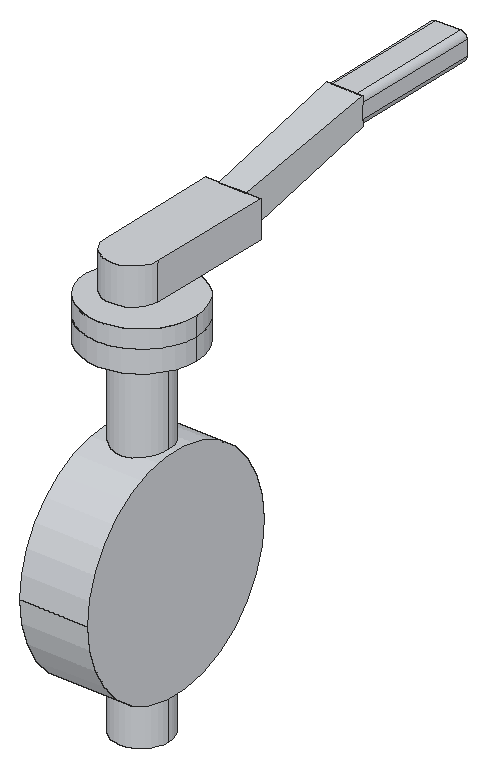
Revit family "HS497-67_disk-litina-s pákou DN125-RFA_2019", category Pipe Accessories, Revit 2019
Family settings
  Round Connector Dimension = Use Diameter
  Part Type = Valve - Breaks Into
  Work Plane-Based = No
  Always vertical = Yes
  Cut with Voids When Loaded = No
  Shared = No
Parameters (values of type "HS 497-67_DN125_PN16_s pákou")
  magiProductId = "105993c79a91492399feef7931321a"
  magiProductFamilyId = "53cea81e6f374d17b8841d9c72ad77"
  magiPartTypeId = 305
  isMeasuringValve [instance] = no
  ang2D [instance] = 0.00°
  X11 = 61.456 mm
  X1 = 25.456 mm
  W2D = 1000 mm
  VersionID = "2.0/2017.9.26.1/ZETKAMA_497_001"
  Use Minimum Symbol Size [instance] = yes
  URL = "http://www.hydronix.cz"
  Type Comments = "mezipřírubová; litinový disk; PN16; -10~+110°C (krátkodobě +120°C)"
  SW30 = no
  SW3 = no
  SW21 = no
  SW20 = yes
  SW2 = yes
  SW1 = no
  R = 62.5 mm
  QmdConnectorList = "301;D;302;D"
  Productdata [instance] = ""
  NC = 50 mm
  Model = ""
  Manufacturer = "Hydronix"  # constant formula
  MM20 = 25.456 mm
  MC Product Code = "120 125 (litinový disk, s pákou; DN125; PN16, kvs872)"
  M41 = 66 mm
  M4 = 44 mm
  LHL = 315 mm
  LHH3 = 3.75 mm
  LHH1 = 71.25 mm
  LH1 = 105 mm
  L4R__ve = -L4R  # -12.8 mm
  L4R = 12.8 mm
  L42__ve = -L42  # -96 mm
  L42 = 96 mm
  L41__ve = -L41  # -19.2 mm
  L41 = 19.2 mm
  L2D_Min = 3048 mm
  L2D = 216 mm
  L2 = 28 mm
  L1 = 44.8 mm
  L = 56 mm
  H = 33 mm
  G22 = 11.25 mm
  G2 = 22.5 mm
  G1 = 90 mm
  G = 90 mm
  F = 14 mm
  E44 = 31.25 mm
  E42 = 62.5 mm
  E4 = 125 mm
  E23 = 7.5 mm
  E22 = 30 mm
  E21 = 15 mm
  Description = "Mezipřírubová uzavírací klapka s pákou; litinový disk, DN125; PN16; kvs872"
  DR2 = 62.5 mm
  DR = 180 mm
  DD1 = 15.625 mm
  DD = 12.5 mm
  D = 125 mm
  CAT0 = yes
  B2__ve = -B2  # -64 mm
  B2 = 64 mm
  A2 = 18 mm
  A1 = 99.5 mm
Types (43, lengths in mm): name | magiProductId | X11 | X1 | Type Comments | SW30 | SW3 | SW20 | SW2 | SW1 | R | NC | MM20 | MC Product Code | M41 | M4 | LHL | LHH3 | LHH1 | LH1 | L4R__ve | L4R | L42__ve | L42 | L41__ve | L41 | L2 | L1 | L | H | G | F | E44 | E42 | E4 | E23 | E22 | E21 | Description | DR2 | DR | DD1 | DD | D | B2__ve | B2 | A2 | A1
  HS 497-67_DN100_PN16_volné vřeteno | "65d1b245f4f142c78569c0602d5754" | 61.456 | 25.456 | "mezipřírubová; litinový disk; PN16; -10~+110°C (krátkodobě +120°C)" | no | no | no | no | yes | 50 | 50 | 25.456 | "123 100 (litinový disk, s volným vřetenem; DN100; PN16, kvs512)" | 66 | 44 | 220 | 2.45 | 46.55 | 73.333 | -12.8 | 12.8 | -96 | 96 | -19.2 | 19.2 | 26 | 41.6 | 52 | 30 | 90 | 11 | 31.25 | 62.5 | 125 | 4.9 | 19.6 | 9.8 | "Mezipřírubová uzavírací klapka s volným vřetenem; litinový disk, DN100; PN16; kvs512" | 50 | 147 | 15.625 | 12.5 | 100 | -56 | 56 | 16.5 | 98.5
  HS 497-67_DN100_PN16_převodové kolo | "11e91b807e674d428c8e796fcdcfe2" | 61.456 | 25.456 | "mezipřírubová; litinový disk; PN16; -10~+110°C (krátkodobě +120°C)" | yes | yes | no | no | no | 50 | 50 | 25.456 | "125 100 (litinový disk, s převodovým kolem; DN100; PN16, kvs512)" | 65.25 | 43.5 | 220 | 2.45 | 46.55 | 73.333 | -12.8 | 12.8 | -96 | 96 | -19.2 | 19.2 | 26 | 41.6 | 52 | 30 | 90 | 11 | 31.25 | 62.5 | 125 | 4.9 | 19.6 | 9.8 | "Mezipřírubová uzavírací klapka s převodovým kolem; litinový disk, DN100; PN16; kvs512" | 50 | 147 | 15.625 | 12.5 | 100 | -56 | 56 | 16.5 | 98.5
  HS 497-67_DN100_PN16_s pákou | "28172f0b3f4b47b28323ac71cf8749" | 61.456 | 25.456 | "mezipřírubová; litinový disk; PN16; -10~+110°C (krátkodobě +120°C)" | no | no | yes | yes | no | 50 | 50 | 25.456 | "120 100 (litinový disk, s pákou; DN100; PN16, kvs512)" | 66 | 44 | 260 | 3 | 57 | 86.667 | -12.8 | 12.8 | -96 | 96 | -19.2 | 19.2 | 26 | 41.6 | 52 | 30 | 90 | 11 | 31.25 | 62.5 | 125 | 6 | 24 | 12 | "Mezipřírubová uzavírací klapka s pákou; litinový disk, DN100; PN16; kvs512" | 50 | 147 | 15.625 | 12.5 | 100 | -56 | 56 | 16.5 | 98.5
  HS 497-67_DN125_PN16_volné vřeteno | "0d813d910fc14f628bb3c2efbd185c" | 61.456 | 25.456 | "mezipřírubová; litinový disk; PN16; -10~+110°C (krátkodobě +120°C)" | no | no | no | no | yes | 62.5 | 50 | 25.456 | "123 125 (litinový disk, s volným vřetenem; DN125; PN16, kvs872)" | 66 | 44 | 220 | 2.45 | 46.55 | 73.333 | -12.8 | 12.8 | -96 | 96 | -19.2 | 19.2 | 28 | 44.8 | 56 | 33 | 90 | 14 | 31.25 | 62.5 | 125 | 4.9 | 19.6 | 9.8 | "Mezipřírubová uzavírací klapka s volným vřetenem; litinový disk, DN125; PN16; kvs872" | 62.5 | 180 | 15.625 | 12.5 | 125 | -64 | 64 | 18 | 99.5
  HS 497-67_DN125_PN16_převodové kolo | "c56b7c13f372467684996fb1e0e229" | 61.456 | 25.456 | "mezipřírubová; litinový disk; PN16; -10~+110°C (krátkodobě +120°C)" | yes | yes | no | no | no | 62.5 | 50 | 25.456 | "125 125 (litinový disk, s převodovým kolem; DN125; PN16, kvs872)" | 65.25 | 43.5 | 220 | 2.45 | 46.55 | 73.333 | -13.5 | 13.5 | -101.25 | 101.25 | -20.25 | 20.25 | 28 | 44.8 | 56 | 33 | 90 | 14 | 40 | 80 | 160 | 4.9 | 19.6 | 9.8 | "Mezipřírubová uzavírací klapka s převodovým kolem; litinový disk, DN125; PN16; kvs872" | 62.5 | 180 | 20 | 16 | 125 | -64 | 64 | 18 | 99.5
  HS 497-67_DN125_PN16_s pákou | "105993c79a91492399feef7931321a" | 61.456 | 25.456 | "mezipřírubová; litinový disk; PN16; -10~+110°C (krátkodobě +120°C)" | no | no | yes | yes | no | 62.5 | 50 | 25.456 | "120 125 (litinový disk, s pákou; DN125; PN16, kvs872)" | 66 | 44 | 315 | 3.75 | 71.25 | 105 | -12.8 | 12.8 | -96 | 96 | -19.2 | 19.2 | 28 | 44.8 | 56 | 33 | 90 | 14 | 31.25 | 62.5 | 125 | 7.5 | 30 | 15 | "Mezipřírubová uzavírací klapka s pákou; litinový disk, DN125; PN16; kvs872" | 62.5 | 180 | 15.625 | 12.5 | 125 | -64 | 64 | 18 | 99.5
  HS 497-67_DN150_PN16_volné vřeteno | "50c80cb8ab434f55ab7796e5ac1331" | 61.456 | 25.456 | "mezipřírubová; litinový disk; PN16; -10~+110°C (krátkodobě +120°C)" | no | no | no | no | yes | 75 | 50 | 25.456 | "123 150 (litinový disk, s volným vřetenem; DN150; PN16, kvs1347)" | 66 | 44 | 220 | 2.45 | 46.55 | 73.333 | -12.8 | 12.8 | -96 | 96 | -19.2 | 19.2 | 28 | 44.8 | 56 | 33 | 90 | 14 | 31.25 | 62.5 | 125 | 4.9 | 19.6 | 9.8 | "Mezipřírubová uzavírací klapka s volným vřetenem; litinový disk, DN150; PN16; kvs1347" | 75 | 206 | 15.625 | 12.5 | 150 | -58 | 58 | 19.3 | 98.7
  HS 497-67_DN150_PN16_převodové kolo | "d94a1a0cf83b476eb10011b327f709" | 61.456 | 25.456 | "mezipřírubová; litinový disk; PN16; -10~+110°C (krátkodobě +120°C)" | yes | yes | no | no | no | 75 | 50 | 25.456 | "125 150 (litinový disk, s převodovým kolem; DN150; PN16, kvs1347)" | 65.25 | 43.5 | 220 | 2.45 | 46.55 | 73.333 | -13.5 | 13.5 | -101.25 | 101.25 | -20.25 | 20.25 | 28 | 44.8 | 56 | 33 | 90 | 14 | 40 | 80 | 160 | 4.9 | 19.6 | 9.8 | "Mezipřírubová uzavírací klapka s převodovým kolem; litinový disk, DN150; PN16; kvs1347" | 75 | 206 | 20 | 16 | 150 | -58 | 58 | 19.3 | 98.7
  HS 497-67_DN150_PN16_s pákou | "4d2835523fe84828bc50ff0a5a0dfb" | 61.456 | 25.456 | "mezipřírubová; litinový disk; PN16; -10~+110°C (krátkodobě +120°C)" | no | no | yes | yes | no | 75 | 50 | 25.456 | "120 150 (litinový disk, s pákou; DN150; PN16, kvs1347)" | 66 | 44 | 315 | 3.75 | 71.25 | 105 | -12.8 | 12.8 | -96 | 96 | -19.2 | 19.2 | 28 | 44.8 | 56 | 33 | 90 | 14 | 31.25 | 62.5 | 125 | 7.5 | 30 | 15 | "Mezipřírubová uzavírací klapka s pákou; litinový disk, DN150; PN16; kvs1347" | 75 | 206 | 15.625 | 12.5 | 150 | -58 | 58 | 19.3 | 98.7
  HS 497-67_DN200_PN16_volné vřeteno | "5b29029eaeba47139ee1055a4b9201" | 61.456 | 25.456 | "mezipřírubová; litinový disk; PN16; -10~+110°C (krátkodobě +120°C)" | no | no | no | no | yes | 100 | 50 | 25.456 | "123 200 (litinový disk, s volným vřetenem; DN200; PN16, kvs2675)" | 66 | 44 | 220 | 2.45 | 46.55 | 73.333 | -12.8 | 12.8 | -96 | 96 | -19.2 | 19.2 | 30 | 48 | 60 | 33 | 90 | 17 | 31.25 | 62.5 | 125 | 4.9 | 19.6 | 9.8 | "Mezipřírubová uzavírací klapka s volným vřetenem; litinový disk, DN200; PN16; kvs2675" | 100 | 257 | 15.625 | 12.5 | 200 | -70 | 70 | 22.5 | 102.5
  HS 497-67_DN200_PN16_převodové kolo | "b2793cc1fcc44cf2a35062cd67c04f" | 61.456 | 25.456 | "mezipřírubová; litinový disk; PN16; -10~+110°C (krátkodobě +120°C)" | yes | yes | no | no | no | 100 | 57 | 25.456 | "125 200 (litinový disk, s převodovým kolem; DN200; PN16, kvs2675)" | 78.75 | 52.5 | 220 | 2.45 | 46.55 | 73.333 | -15.2 | 15.2 | -114 | 114 | -22.8 | 22.8 | 30 | 48 | 60 | 33 | 90 | 17 | 50 | 100 | 200 | 4.9 | 19.6 | 9.8 | "Mezipřírubová uzavírací klapka s převodovým kolem; litinový disk, DN200; PN16; kvs2675" | 100 | 257 | 25 | 20 | 200 | -70 | 70 | 22.5 | 102.5
  HS 497-67_DN200_PN16_s pákou | "f88d96c7af224537a51e72d7d8fffe" | 61.456 | 25.456 | "mezipřírubová; litinový disk; PN16; -10~+110°C (krátkodobě +120°C)" | no | no | yes | yes | no | 100 | 50 | 25.456 | "120 200 (litinový disk, s pákou; DN200; PN16, kvs2675)" | 66 | 44 | 315 | 3.75 | 71.25 | 105 | -12.8 | 12.8 | -96 | 96 | -19.2 | 19.2 | 30 | 48 | 60 | 33 | 90 | 17 | 31.25 | 62.5 | 125 | 7.5 | 30 | 15 | "Mezipřírubová uzavírací klapka s pákou; litinový disk, DN200; PN16; kvs2675" | 100 | 257 | 15.625 | 12.5 | 200 | -70 | 70 | 22.5 | 102.5
  HS 497-67_DN250_PN16_volné vřeteno | "b662e8305ca2402b9c510e66e6aa55" | 88.77 | 36.77 | "mezipřírubová; litinový disk; PN16; -10~+110°C (krátkodobě +120°C)" | no | no | no | no | yes | 125 | 50 | 36.77 | "123 250 (litinový disk, s volným vřetenem; DN250; PN16, kvs4555)" | 66 | 44 | 220 | 2.45 | 46.55 | 73.333 | -12.8 | 12.8 | -96 | 96 | -19.2 | 19.2 | 34 | 54.4 | 68 | 23 | 130 | 22 | 31.25 | 62.5 | 125 | 4.9 | 19.6 | 9.8 | "Mezipřírubová uzavírací klapka s volným vřetenem; litinový disk, DN250; PN16; kvs4555" | 125 | 324 | 15.625 | 12.5 | 250 | -85 | 85 | 28.25 | 129.25
  HS 497-67_DN250_PN16_převodové kolo | "5ee9016806664ddfaa2632711f295c" | 88.77 | 36.77 | "mezipřírubová; litinový disk; PN16; -10~+110°C (krátkodobě +120°C)" | yes | yes | no | no | no | 125 | 70 | 36.77 | "125 250 (litinový disk, s převodovým kolem; DN250; PN16, kvs4555)" | 91.5 | 61 | 220 | 2.45 | 46.55 | 73.333 | -22.2 | 22.2 | -166.5 | 166.5 | -33.3 | 33.3 | 34 | 54.4 | 68 | 23 | 130 | 22 | 62.5 | 125 | 250 | 4.9 | 19.6 | 9.8 | "Mezipřírubová uzavírací klapka s převodovým kolem; litinový disk, DN250; PN16; kvs4555" | 125 | 324 | 31.25 | 25 | 250 | -85 | 85 | 28.25 | 129.25
  HS 497-67_DN300_PN16_volné vřeteno | "e1886f51ff004380a649519258edf2" | 88.77 | 36.77 | "mezipřírubová; litinový disk; PN16; -10~+110°C (krátkodobě +120°C)" | no | no | no | no | yes | 150 | 50 | 36.77 | "123 300 (litinový disk, s volným vřetenem; DN300; PN16, kvs7037)" | 66 | 44 | 220 | 2.45 | 46.55 | 73.333 | -12.8 | 12.8 | -96 | 96 | -19.2 | 19.2 | 39 | 62.4 | 78 | 23 | 130 | 22 | 31.25 | 62.5 | 125 | 4.9 | 19.6 | 9.8 | "Mezipřírubová uzavírací klapka s volným vřetenem; litinový disk, DN300; PN16; kvs7037" | 150 | 376 | 15.625 | 12.5 | 300 | -90 | 90 | 30.8 | 127.2
  HS 497-67_DN300_PN16_převodové kolo | "6860f094f77d42088fbebc3c97f755" | 88.77 | 36.77 | "mezipřírubová; litinový disk; PN16; -10~+110°C (krátkodobě +120°C)" | yes | yes | no | no | no | 150 | 70 | 36.77 | "125 300 (litinový disk, s převodovým kolem; DN300; PN16, kvs7037)" | 91.5 | 61 | 220 | 2.45 | 46.55 | 73.333 | -22.2 | 22.2 | -166.5 | 166.5 | -33.3 | 33.3 | 39 | 62.4 | 78 | 23 | 130 | 22 | 62.5 | 125 | 250 | 4.9 | 19.6 | 9.8 | "Mezipřírubová uzavírací klapka s převodovým kolem; litinový disk, DN300; PN16; kvs7037" | 150 | 376 | 31.25 | 25 | 300 | -90 | 90 | 30.8 | 127.2
  HS 497-67_DN032_PN16_volné vřeteno | "8c5f65de52aa4067a77564107e31b2" | 61.456 | 25.456 | "mezipřírubová; litinový disk; PN16; -10~+110°C (krátkodobě +120°C)" | no | no | no | no | yes | 16 | 50 | 25.456 | "123 032 (litinový disk, s volným vřetenem; DN32; PN16, kvs78)" | 66 | 44 | 220 | 2.45 | 46.55 | 73.333 | -12.8 | 12.8 | -96 | 96 | -19.2 | 19.2 | 16.5 | 26.4 | 33 | 30 | 90 | 11 | 31.25 | 62.5 | 125 | 4.9 | 19.6 | 9.8 | "Mezipřírubová uzavírací klapka s volným vřetenem; litinový disk, DN32; PN16; kvs78" | 16 | 68 | 15.625 | 12.5 | 32 | -44.2 | 44.2 | 10.25 | 76.25
  HS 497-67_DN032_PN16_převodové kolo | "60aaeffa8b3a4e809ef000e4660060" | 61.456 | 25.456 | "mezipřírubová; litinový disk; PN16; -10~+110°C (krátkodobě +120°C)" | yes | yes | no | no | no | 16 | 50 | 25.456 | "125 032 (litinový disk, s převodovým kolem; DN32; PN16, kvs78)" | 65.25 | 43.5 | 220 | 2.45 | 46.55 | 73.333 | -12.8 | 12.8 | -96 | 96 | -19.2 | 19.2 | 16.5 | 26.4 | 33 | 30 | 90 | 11 | 31.25 | 62.5 | 125 | 4.9 | 19.6 | 9.8 | "Mezipřírubová uzavírací klapka s převodovým kolem; litinový disk, DN32; PN16; kvs78" | 16 | 68 | 15.625 | 12.5 | 32 | -44.2 | 44.2 | 10.25 | 76.25
  HS 497-67_DN032_PN16_s pákou | "9ad8088d610749a1b871aa2aad8007" | 61.456 | 25.456 | "mezipřírubová; litinový disk; PN16; -10~+110°C (krátkodobě +120°C)" | no | no | yes | yes | no | 16 | 50 | 25.456 | "120 032 (litinový disk, s pákou; DN32; PN16, kvs78)" | 66 | 44 | 220 | 2.45 | 46.55 | 73.333 | -12.8 | 12.8 | -96 | 96 | -19.2 | 19.2 | 16.5 | 26.4 | 33 | 30 | 90 | 11 | 31.25 | 62.5 | 125 | 4.9 | 19.6 | 9.8 | "Mezipřírubová uzavírací klapka s pákou; litinový disk, DN32; PN16; kvs78" | 16 | 68 | 15.625 | 12.5 | 32 | -44.2 | 44.2 | 10.25 | 76.25
  HS 497-67_DN350_PN10_volné vřeteno | "72a1e05f22944421b7e9596a877137" | 109.255 | 45.255 | "mezipřírubová; litinový disk; PN10; -10~+110°C (krátkodobě +120°C)" | no | no | no | no | yes | 175 | 50 | 45.255 | "123 350 (litinový disk, s volným vřetenem; DN350; PN10, kvs10165)" | 66 | 44 | 220 | 2.45 | 46.55 | 73.333 | -12.8 | 12.8 | -96 | 96 | -19.2 | 19.2 | 39 | 62.4 | 78 | 31 | 160 | 22 | 31.25 | 62.5 | 125 | 4.9 | 19.6 | 9.8 | "Mezipřírubová uzavírací klapka s volným vřetenem; litinový disk, DN350; PN10; kvs10165" | 175 | 430 | 15.625 | 12.5 | 350 | -88 | 88 | 33.85 | 129.65
  HS 497-67_DN350_PN10_převodové kolo | "a5a01426cb28494ba3afca92f1dace" | 109.255 | 45.255 | "mezipřírubová; litinový disk; PN10; -10~+110°C (krátkodobě +120°C)" | yes | yes | no | no | no | 175 | 70 | 45.255 | "125 350 (litinový disk, s převodovým kolem; DN350; PN10, kvs10165)" | 91.5 | 61 | 220 | 2.45 | 46.55 | 73.333 | -22.2 | 22.2 | -166.5 | 166.5 | -33.3 | 33.3 | 39 | 62.4 | 78 | 31 | 160 | 22 | 62.5 | 125 | 250 | 4.9 | 19.6 | 9.8 | "Mezipřírubová uzavírací klapka s převodovým kolem; litinový disk, DN350; PN10; kvs10165" | 175 | 430 | 31.25 | 25 | 350 | -88 | 88 | 33.85 | 129.65
  HS 497-67_DN400_PN10_volné vřeteno | "c70ebeb927c04ab99b176e257ad0a7" | 109.255 | 45.255 | "mezipřírubová; litinový disk; PN10; -10~+110°C (krátkodobě +120°C)" | no | no | no | no | yes | 200 | 50 | 45.255 | "123 400 (litinový disk, s volným vřetenem; DN400; PN10, kvs13799)" | 66 | 44 | 220 | 2.45 | 46.55 | 73.333 | -12.8 | 12.8 | -96 | 96 | -19.2 | 19.2 | 51 | 81.6 | 102 | 31 | 160 | 27 | 31.25 | 62.5 | 125 | 4.9 | 19.6 | 9.8 | "Mezipřírubová uzavírací klapka s volným vřetenem; litinový disk, DN400; PN10; kvs13799" | 200 | 485 | 15.625 | 12.5 | 400 | -108 | 108 | 38 | 142
  HS 497-67_DN400_PN10_převodové kolo | "cc64a4384dcb41b780d81810f4f293" | 109.255 | 45.255 | "mezipřírubová; litinový disk; PN10; -10~+110°C (krátkodobě +120°C)" | yes | yes | no | no | no | 200 | 72.5 | 45.255 | "125 400 (litinový disk, s převodovým kolem; DN400; PN10, kvs13799)" | 103.5 | 69 | 220 | 2.45 | 46.55 | 73.333 | -27.8 | 27.8 | -208.5 | 208.5 | -41.7 | 41.7 | 51 | 81.6 | 102 | 31 | 160 | 27 | 75 | 150 | 300 | 4.9 | 19.6 | 9.8 | "Mezipřírubová uzavírací klapka s převodovým kolem; litinový disk, DN400; PN10; kvs13799" | 200 | 485 | 37.5 | 30 | 400 | -108 | 108 | 38 | 142
  HS 497-67_DN040_PN16_volné vřeteno | "35f92312390745e88df5b5c325d9ee" | 61.456 | 25.456 | "mezipřírubová; litinový disk; PN16; -10~+110°C (krátkodobě +120°C)" | no | no | no | no | yes | 20 | 50 | 25.456 | "123 040 (litinový disk, s volným vřetenem; DN40; PN16, kvs78)" | 66 | 44 | 220 | 2.45 | 46.55 | 73.333 | -12.8 | 12.8 | -96 | 96 | -19.2 | 19.2 | 16.5 | 26.4 | 33 | 30 | 90 | 11 | 31.25 | 62.5 | 125 | 4.9 | 19.6 | 9.8 | "Mezipřírubová uzavírací klapka s volným vřetenem; litinový disk, DN40; PN16; kvs78" | 20 | 76 | 15.625 | 12.5 | 40 | -36 | 36 | 11 | 79
  HS 497-67_DN040_PN16_převodové kolo | "d88e968eae3445bc9b7b4e6ff35127" | 61.456 | 25.456 | "mezipřírubová; litinový disk; PN16; -10~+110°C (krátkodobě +120°C)" | yes | yes | no | no | no | 20 | 50 | 25.456 | "125 040 (litinový disk, s převodovým kolem; DN40; PN16, kvs78)" | 65.25 | 43.5 | 220 | 2.45 | 46.55 | 73.333 | -12.8 | 12.8 | -96 | 96 | -19.2 | 19.2 | 16.5 | 26.4 | 33 | 30 | 90 | 11 | 31.25 | 62.5 | 125 | 4.9 | 19.6 | 9.8 | "Mezipřírubová uzavírací klapka s převodovým kolem; litinový disk, DN40; PN16; kvs78" | 20 | 76 | 15.625 | 12.5 | 40 | -36 | 36 | 11 | 79
  HS 497-67_DN040_PN16_s pákou | "c1b522ca65b4407a98818f232eaacb" | 61.456 | 25.456 | "mezipřírubová; litinový disk; PN16; -10~+110°C (krátkodobě +120°C)" | no | no | yes | yes | no | 20 | 50 | 25.456 | "120 040 (litinový disk, s pákou; DN40; PN16, kvs78)" | 66 | 44 | 220 | 2.45 | 46.55 | 73.333 | -12.8 | 12.8 | -96 | 96 | -19.2 | 19.2 | 16.5 | 26.4 | 33 | 30 | 90 | 11 | 31.25 | 62.5 | 125 | 4.9 | 19.6 | 9.8 | "Mezipřírubová uzavírací klapka s pákou; litinový disk, DN40; PN16; kvs78" | 20 | 76 | 15.625 | 12.5 | 40 | -36 | 36 | 11 | 79
  HS 497-67_DN450_PN10_volné vřeteno | "a8358bc282f14872b3194e530e590a" | 129.74 | 53.74 | "mezipřírubová; litinový disk; PN10; -10~+110°C (krátkodobě +120°C)" | no | no | no | no | yes | 225 | 50 | 53.74 | "123 450 (litinový disk, s volným vřetenem; DN450; PN10, kvs18514)" | 66 | 44 | 220 | 2.45 | 46.55 | 73.333 | -12.8 | 12.8 | -96 | 96 | -19.2 | 19.2 | 57 | 91.2 | 114 | 38 | 190 | 36 | 31.25 | 62.5 | 125 | 4.9 | 19.6 | 9.8 | "Mezipřírubová uzavírací klapka s volným vřetenem; litinový disk, DN450; PN10; kvs18514" | 225 | 536 | 15.625 | 12.5 | 450 | -115 | 115 | 38.05 | 117.45
  HS 497-67_DN450_PN10_převodové kolo | "cdf2d80f54a9414f9cbe50647c0ebd" | 129.74 | 53.74 | "mezipřírubová; litinový disk; PN10; -10~+110°C (krátkodobě +120°C)" | yes | yes | no | no | no | 225 | 91.5 | 53.74 | "125 450 (litinový disk, s převodovým kolem; DN450; PN10, kvs18514)" | 144.75 | 96.5 | 220 | 2.45 | 46.55 | 73.333 | -32.1 | 32.1 | -240.75 | 240.75 | -48.15 | 48.15 | 57 | 91.2 | 114 | 38 | 190 | 36 | 100 | 200 | 400 | 4.9 | 19.6 | 9.8 | "Mezipřírubová uzavírací klapka s převodovým kolem; litinový disk, DN450; PN10; kvs18514" | 225 | 536 | 50 | 40 | 450 | -115 | 115 | 38.05 | 117.45
  HS 497-67_DN500_PN10_volné vřeteno | "8c396e27bb2743f98f3c762b6517cd" | 143.397 | 59.397 | "mezipřírubová; litinový disk; PN10; -10~+110°C (krátkodobě +120°C)" | no | no | no | no | yes | 250 | 50 | 59.397 | "123 500 (litinový disk, s volným vřetenem; DN500; PN10, kvs23805)" | 66 | 44 | 220 | 2.45 | 46.55 | 73.333 | -12.8 | 12.8 | -96 | 96 | -19.2 | 19.2 | 63.5 | 101.6 | 127 | 38 | 210 | 36 | 31.25 | 62.5 | 125 | 4.9 | 19.6 | 9.8 | "Mezipřírubová uzavírací klapka s volným vřetenem; litinový disk, DN500; PN10; kvs23805" | 250 | 593 | 15.625 | 12.5 | 500 | -130 | 130 | 43.25 | 139.25
  HS 497-67_DN500_PN10_převodové kolo | "7647804f32e94cef828a7034a91a46" | 143.397 | 59.397 | "mezipřírubová; litinový disk; PN10; -10~+110°C (krátkodobě +120°C)" | yes | yes | no | no | no | 250 | 91.5 | 59.397 | "125 500 (litinový disk, s převodovým kolem; DN500; PN10, kvs23805)" | 144.75 | 96.5 | 220 | 2.45 | 46.55 | 73.333 | -32.1 | 32.1 | -240.75 | 240.75 | -48.15 | 48.15 | 63.5 | 101.6 | 127 | 38 | 210 | 36 | 100 | 200 | 400 | 4.9 | 19.6 | 9.8 | "Mezipřírubová uzavírací klapka s převodovým kolem; litinový disk, DN500; PN10; kvs23805" | 250 | 593 | 50 | 40 | 500 | -130 | 130 | 43.25 | 139.25
  HS 497-67_DN050_PN16_volné vřeteno | "d71f296ecd6d4adf8f6e5d9853b4e0" | 61.456 | 25.456 | "mezipřírubová; litinový disk; PN16; -10~+110°C (krátkodobě +120°C)" | no | no | no | no | yes | 25 | 50 | 25.456 | "123 050 (litinový disk, s volným vřetenem; DN50; PN16, kvs98)" | 66 | 44 | 220 | 2.45 | 46.55 | 73.333 | -12.8 | 12.8 | -96 | 96 | -19.2 | 19.2 | 21.5 | 34.4 | 43 | 30 | 90 | 11 | 31.25 | 62.5 | 125 | 4.9 | 19.6 | 9.8 | "Mezipřírubová uzavírací klapka s volným vřetenem; litinový disk, DN50; PN16; kvs98" | 25 | 100 | 15.625 | 12.5 | 50 | -36.5 | 36.5 | 12 | 83
  HS 497-67_DN050_PN16_převodové kolo | "2fb080deeaed49c58418b94c1da5a4" | 61.456 | 25.456 | "mezipřírubová; litinový disk; PN16; -10~+110°C (krátkodobě +120°C)" | yes | yes | no | no | no | 25 | 50 | 25.456 | "125 050 (litinový disk, s převodovým kolem; DN50; PN16, kvs98)" | 65.25 | 43.5 | 220 | 2.45 | 46.55 | 73.333 | -12.8 | 12.8 | -96 | 96 | -19.2 | 19.2 | 21.5 | 34.4 | 43 | 30 | 90 | 11 | 31.25 | 62.5 | 125 | 4.9 | 19.6 | 9.8 | "Mezipřírubová uzavírací klapka s převodovým kolem; litinový disk, DN50; PN16; kvs98" | 25 | 100 | 15.625 | 12.5 | 50 | -36.5 | 36.5 | 12 | 83
  HS 497-67_DN050_PN16_s pákou | "dabc632061f94877a994b9b4e68112" | 61.456 | 25.456 | "mezipřírubová; litinový disk; PN16; -10~+110°C (krátkodobě +120°C)" | no | no | yes | yes | no | 25 | 50 | 25.456 | "120 050 (litinový disk, s pákou; DN50; PN16, kvs98)" | 66 | 44 | 220 | 2.45 | 46.55 | 73.333 | -12.8 | 12.8 | -96 | 96 | -19.2 | 19.2 | 21.5 | 34.4 | 43 | 30 | 90 | 11 | 31.25 | 62.5 | 125 | 4.9 | 19.6 | 9.8 | "Mezipřírubová uzavírací klapka s pákou; litinový disk, DN50; PN16; kvs98" | 25 | 100 | 15.625 | 12.5 | 50 | -36.5 | 36.5 | 12 | 83
  HS 497-67_DN600_PN10_volné vřeteno | "99d5892c14664fce81a7c5903f7711" | 143.397 | 59.397 | "mezipřírubová; litinový disk; PN10; -10~+110°C (krátkodobě +120°C)" | no | no | no | no | yes | 300 | 50 | 59.397 | "123 600 (litinový disk, s volným vřetenem; DN600; PN10, kvs36778)" | 66 | 44 | 220 | 2.45 | 46.55 | 73.333 | -12.8 | 12.8 | -96 | 96 | -19.2 | 19.2 | 77 | 123.2 | 154 | 80 | 210 | 60 | 31.25 | 62.5 | 125 | 4.9 | 19.6 | 9.8 | "Mezipřírubová uzavírací klapka s volným vřetenem; litinový disk, DN600; PN10; kvs36788" | 300 | 690 | 15.625 | 12.5 | 600 | -140 | 140 | 49.4 | 144.6
  HS 497-67_DN600_PN10_převodové kolo | "b1e26faab48a4c499f6bb11e7e3002" | 143.397 | 59.397 | "mezipřírubová; litinový disk; PN10; -10~+110°C (krátkodobě +120°C)" | yes | yes | no | no | no | 300 | 140 | 59.397 | "125 600 (litinový disk, s převodovým kolem; DN600; PN10, kvs36778)" | 206.25 | 137.5 | 220 | 2.45 | 46.55 | 73.333 | -40.8 | 40.8 | -306 | 306 | -61.2 | 61.2 | 77 | 123.2 | 154 | 80 | 210 | 60 | 125 | 250 | 500 | 4.9 | 19.6 | 9.8 | "Mezipřírubová uzavírací klapka s převodovým kolem; litinový disk, DN600; PN10; kvs36788" | 300 | 690 | 62.5 | 50 | 600 | -140 | 140 | 49.4 | 144.6
  HS 497-67_DN065_PN16_volné vřeteno | "5e5e208646e34ec29f889baab5d08e" | 61.456 | 25.456 | "mezipřírubová; litinový disk; PN16; -10~+110°C (krátkodobě +120°C)" | no | no | no | no | yes | 32.5 | 50 | 25.456 | "123 065 (litinový disk, s volným vřetenem; DN65; PN16, kvs167)" | 66 | 44 | 220 | 2.45 | 46.55 | 73.333 | -12.8 | 12.8 | -96 | 96 | -19.2 | 19.2 | 23 | 36.8 | 46 | 30 | 90 | 11 | 31.25 | 62.5 | 125 | 4.9 | 19.6 | 9.8 | "Mezipřírubová uzavírací klapka s volným vřetenem; litinový disk, DN65; PN16; kv167" | 32.5 | 108 | 15.625 | 12.5 | 65 | -36.5 | 36.5 | 13.5 | 89
  HS 497-67_DN065_PN16_převodové kolo | "654d74c8d15540b0bfe523d988ccb3" | 61.456 | 25.456 | "mezipřírubová; litinový disk; PN16; -10~+110°C (krátkodobě +120°C)" | yes | yes | no | no | no | 32.5 | 50 | 25.456 | "125 065 (litinový disk, s převodovým kolem; DN65; PN16, kvs167)" | 65.25 | 43.5 | 220 | 2.45 | 46.55 | 73.333 | -12.8 | 12.8 | -96 | 96 | -19.2 | 19.2 | 23 | 36.8 | 46 | 30 | 90 | 11 | 31.25 | 62.5 | 125 | 4.9 | 19.6 | 9.8 | "Mezipřírubová uzavírací klapka s převodovým kolem; litinový disk, DN65; PN16; kvs167" | 32.5 | 108 | 15.625 | 12.5 | 65 | -36.5 | 36.5 | 13.5 | 89
  HS 497-67_DN065_PN16_s pákou | "ebeb4b59db0641caaf6d6635ab37b9" | 61.456 | 25.456 | "mezipřírubová; litinový disk; PN16; -10~+110°C (krátkodobě +120°C)" | no | no | yes | yes | no | 32.5 | 50 | 25.456 | "120 065 (litinový disk, s pákou; DN65; PN16, kvs167)" | 66 | 44 | 220 | 2.45 | 46.55 | 73.333 | -12.8 | 12.8 | -96 | 96 | -19.2 | 19.2 | 23 | 36.8 | 46 | 30 | 90 | 11 | 31.25 | 62.5 | 125 | 4.9 | 19.6 | 9.8 | "Mezipřírubová uzavírací klapka s pákou; litinový disk, DN65; PN16; kvs167" | 32.5 | 108 | 15.625 | 12.5 | 65 | -36.5 | 36.5 | 13.5 | 89
  HS 497-67_DN080_PN16_volné vřeteno | "9e85c75c18654e1185a9c48ed6b00e" | 61.456 | 25.456 | "mezipřírubová; litinový disk; PN16; -10~+110°C (krátkodobě +120°C)" | no | no | no | no | yes | 40 | 50 | 25.456 | "123 080 (litinový disk, s volným vřetenem; DN80; PN16, kvs258)" | 66 | 44 | 220 | 2.45 | 46.55 | 73.333 | -12.8 | 12.8 | -96 | 96 | -19.2 | 19.2 | 23 | 36.8 | 46 | 30 | 90 | 11 | 31.25 | 62.5 | 125 | 4.9 | 19.6 | 9.8 | "Mezipřírubová uzavírací klapka s volným vřetenem; litinový disk, DN80; PN16; kvs258" | 40 | 124 | 15.625 | 12.5 | 80 | -54 | 54 | 14.1 | 86.9
  HS 497-67_DN080_PN16_převodové kolo | "5b3c8238c3d041e68c75b199e7ea46" | 61.456 | 25.456 | "mezipřírubová; litinový disk; PN16; -10~+110°C (krátkodobě +120°C)" | yes | yes | no | no | no | 40 | 50 | 25.456 | "125 080 (litinový disk, s převodovým kolem; DN80; PN16, kvs258)" | 65.25 | 43.5 | 220 | 2.45 | 46.55 | 73.333 | -12.8 | 12.8 | -96 | 96 | -19.2 | 19.2 | 23 | 36.8 | 46 | 30 | 90 | 11 | 31.25 | 62.5 | 125 | 4.9 | 19.6 | 9.8 | "Mezipřírubová uzavírací klapka s převodovým kolem; litinový disk, DN80; PN16; kvs258" | 40 | 124 | 15.625 | 12.5 | 80 | -54 | 54 | 14.1 | 86.9
  HS 497-67_DN080_PN16_s pákou | "e414795fab0f4eccb99bc3572c5477" | 61.456 | 25.456 | "mezipřírubová; litinový disk; PN16; -10~+110°C (krátkodobě +120°C)" | no | no | yes | yes | no | 40 | 50 | 25.456 | "120 080 (litinový disk, s pákou; DN80; PN16, kvs258)" | 66 | 44 | 260 | 3 | 57 | 86.667 | -12.8 | 12.8 | -96 | 96 | -19.2 | 19.2 | 23 | 36.8 | 46 | 30 | 90 | 11 | 31.25 | 62.5 | 125 | 6 | 24 | 12 | "Mezipřírubová uzavírací klapka s pákou; litinový disk, DN80; PN16; kvs258" | 40 | 124 | 15.625 | 12.5 | 80 | -54 | 54 | 14.1 | 86.9
  HS 497-67_DN250_PN16_s pákou | "" | 88.77 | 36.77 | "mezipřírubová; litinový disk; PN16; -10~+110°C (krátkodobě +120°C)" | no | no | yes | yes | no | 125 | 70 | 36.77 | "120 250 (litinový disk, s pákou; DN250; PN16, kvs4555)" | 91.5 | 61 | 220 | 2.45 | 46.55 | 73.333 | -22.2 | 22.2 | -166.5 | 166.5 | -33.3 | 33.3 | 34 | 54.4 | 68 | 23 | 130 | 22 | 62.5 | 125 | 250 | 4.9 | 19.6 | 9.8 | "Mezipřírubová uzavírací klapka s pákou; litinový disk, DN250; PN16; kvs4555" | 125 | 324 | 31.25 | 25 | 250 | -85 | 85 | 28.25 | 129.25
  HS 497-67_DN300_PN16_s pákou | "" | 88.77 | 36.77 | "mezipřírubová; litinový disk; PN16; -10~+110°C (krátkodobě +120°C)" | no | no | yes | yes | no | 150 | 70 | 36.77 | "120 300 (litinový disk, s pákou; DN300; PN16, kvs7037)" | 91.5 | 61 | 220 | 2.45 | 46.55 | 73.333 | -22.2 | 22.2 | -166.5 | 166.5 | -33.3 | 33.3 | 39 | 62.4 | 78 | 23 | 130 | 22 | 62.5 | 125 | 250 | 4.9 | 19.6 | 9.8 | "Mezipřírubová uzavírací klapka s pákou; litinový disk, DN300; PN16; kvs7037" | 150 | 376 | 31.25 | 25 | 300 | -90 | 90 | 30.8 | 127.2
Reference planes
  plane 1 "Center (Front/Back)": y = 0
  plane 2 "XYPLANE": z = 0
  plane 3 "Center (Left/Right)": x = 0
  plane 4 "473": x = -25.456
  plane 5 "472": x = -66
  plane 6 "471": y = -25.456
  plane 7 "470": y = 25.456
  plane 8 "469": x = -44
  plane 9 "468": y = -115.2
  plane 10 "467": y = -96
  plane 11 "466": z = 211.25
  plane 12 "465": z = 251.25
  plane 13 "464": y = 208.75
  plane 14 "463": z = 236.25
  plane 15 "462": z = 210
  plane 16 "461": z = 225
  plane 17 "460": y = 103.75
  plane 18 "459": x = -11.25
  plane 19 "458": x = 11.25
  plane 20 "457": y = -6.25
  plane 21 "456": x = -17.5
  plane 22 "455": x = 17.5
  plane 23 "454": z = 232.5
  plane 24 "453": y = 93.75
  plane 25 "452": y = -11.25
  plane 26 "451": x = -22.5
  plane 27 "450": x = 22.5
  plane 28 "449": z = 202.5
  plane 29 "448": z = 195
  plane 30 "447": z = -62.5
  plane 31 "446": z = 180
  plane 32 "445": z = 162
  plane 33 "444": z = 62.5
  plane 34 "443": x = 28
  plane 35 "442": x = -28
  plane 36 "441": z = 0
  plane 37 "440": y = 0
  plane 38 "439": x = 0
  plane 39 "438": z = 255
  plane 40 "437": z = 232.5
  plane 41 "436": x = 15
  plane 42 "435": x = -15
  plane 43 "434": y = 315
Forms (mm)
  Extrusion 1, solid, visible <- "SW3"
    sketch origin (-750, 0, 180) x (1, 0, 0) y (0, 1, 0)
      loop
        line (684, 25.456) -> (684, -25.456) -> (724.544, -25.456)
        arc (724.544, -25.456) -> (786, 0) -> (724.544, 25.456) r 36
        line (724.544, 25.456) -> (684, 25.456)
    from 0 to 62.5 <- "E42"
  Extrusion 2, solid, visible <- "SW30"
    sketch origin (0, -750, 0) x (0, 1, 0) y (0, 0, 1)
      loop
        circle (750, 211.25) r 7.813
    from 0 to 50 <- "NC"
  Extrusion 3, solid, visible <- "SW30"
    sketch origin (750, -115.2, 0) x (-1, 0, 0) y (0, 0, 1)
      loop
        circle (794, 211.25) r 62.5
    from 0 to -12.8 <- "L4R__ve"
  Extrusion 4, solid, visible <- "SW3"
    sketch origin (750, -96, 0) x (-1, 0, 0) y (0, 0, 1)
      loop
        circle (794, 211.25) r 7.813
    from 0 to -19.2 <- "L41__ve"
  Extrusion 5, solid, visible <- "SW30"
    sketch origin (750, 0, 0) x (-1, 0, 0) y (0, 0, 1)
      loop
        circle (794, 211.25) r 6.25
    from 0 to -96 <- "L42__ve"
  Blend 6, solid, visible <- "SW21"
    base sketch origin (750, 103.75, 0) x (-1, 0, 0) y (0, 0, 1)
      loop
        line (761.25, 225) -> (738.75, 225) -> (738.75, 210) -> (761.25, 210) -> (761.25, 225)
    top sketch origin (750, 103.75, 0) x (-1, 0, 0) y (0, 0, 1)
      loop
        line (761.25, 251.25) -> (738.75, 251.25) -> (738.75, 236.25) -> (761.25, 236.25) -> (761.25, 251.25)
    from 0 to 105
  Blend 7, solid, visible <- "SW21"
    base sketch origin (750, 93.75, 0) x (-1, 0, 0) y (0, 0, 1)
      loop
        line (761.25, 232.5) -> (738.75, 232.5) -> (738.75, 202.5) -> (761.25, 202.5) -> (761.25, 232.5)
    top sketch origin (750, 93.75, 0) x (-1, 0, 0) y (0, 0, 1)
      loop
        line (761.25, 225) -> (738.75, 225) -> (738.75, 210) -> (761.25, 210) -> (761.25, 225)
    from 0 to 10
  Blend 8, solid, visible <- "SW21"
    base sketch origin (-750, 0, 202.5) x (1, 0, 0) y (0, 1, 0)
      loop
        line (772.5, 93.75) -> (727.5, 93.75) -> (727.5, -11.25)
        arc (727.5, -11.25) -> (750, -31.25) -> (772.5, -11.25) r 22.656
        line (772.5, -11.25) -> (772.5, 93.75)
    top sketch origin (-750, 0, 202.5) x (1, 0, 0) y (0, 1, 0)
      loop
        line (767.5, 93.75) -> (732.5, 93.75) -> (732.5, -6.25)
        arc (732.5, -6.25) -> (750, -26.25) -> (767.5, -6.25) r 17.656
        line (767.5, -6.25) -> (767.5, 93.75)
    from 0 to 30
  Extrusion 9, solid, visible <- "SW2"
    sketch origin (-750, 0, 195) x (1, 0, 0) y (0, 1, 0)
      loop
        circle (750, 0) r 11.25
    from 0 to 7.5 <- "E23"
  Extrusion 10, solid, visible <- "SW2"
    sketch origin (-750, 0, 180) x (1, 0, 0) y (0, 1, 0)
      loop
        circle (750, 0) r 45
    from 0 to 15 <- "E21"
  Extrusion 11, solid, visible <- "CAT0"
    sketch origin (-750, 0, -62.5) x (1, 0, 0) y (0, 1, 0)
      loop
        circle (750, 0) r 22.4
    from 0 to -64 <- "B2__ve"
  Extrusion 12, solid, visible <- "CAT0"
    sketch origin (-750, 0, 162) x (1, 0, 0) y (0, 1, 0)
      loop
        circle (750, 0) r 45
    from 0 to 18 <- "A2"
  Extrusion 13, solid, visible <- "CAT0"
    sketch origin (-750, 0, 62.5) x (1, 0, 0) y (0, 1, 0)
      loop
        circle (750, 0) r 22.4
    from 0 to 99.5 <- "A1"
  Extrusion 14, solid, visible <- "CAT0"
    sketch origin (-28, -750, 0) x (0, 1, 0) y (0, 0, 1)
      loop
        circle (750, 0) r 90
    from 0 to 56 <- "L"
  Extrusion 15, solid, visible <- "SW1"
    sketch origin (-750, 0, 180) x (1, 0, 0) y (0, 1, 0)
      loop
        line (757, 7) -> (743, 7) -> (743, -7) -> (757, -7) -> (757, 7)
    from 0 to 33 <- "H"
  Blend 16, solid, visible <- "SW2"
    base sketch origin (750, 208.75, 0) x (-1, 0, 0) y (0, 0, 1)
      loop
        arc (765, 250) -> (763.536, 253.536) -> (760, 255) r 5
        line (760, 255) -> (740, 255)
        arc (740, 255) -> (736.464, 253.536) -> (735, 250) r 5
        line (735, 250) -> (735, 237.5)
        arc (735, 237.5) -> (736.464, 233.964) -> (740, 232.5) r 5
        line (740, 232.5) -> (760, 232.5)
        arc (760, 232.5) -> (763.536, 233.964) -> (765, 237.5) r 5
        line (765, 237.5) -> (765, 250)
    top sketch origin (750, 208.75, 0) x (-1, 0, 0) y (0, 0, 1)
      loop
        arc (765, 250) -> (763.536, 253.536) -> (760, 255) r 5
        line (760, 255) -> (740, 255)
        arc (740, 255) -> (736.464, 253.536) -> (735, 250) r 5
        line (735, 250) -> (735, 237.5)
        arc (735, 237.5) -> (736.464, 233.964) -> (740, 232.5) r 5
        line (740, 232.5) -> (760, 232.5)
        arc (760, 232.5) -> (763.536, 233.964) -> (765, 237.5) r 5
        line (765, 237.5) -> (765, 250)
    from 0 to 106.25
  Blend 17, solid, visible <- "SW20"
    base sketch origin (750, 208.75, 0) x (-1, 0, 0) y (0, 0, 1)
      loop
        line (765, 255) -> (735, 255) -> (735, 232.5) -> (765, 232.5) -> (765, 255)
    top sketch origin (750, 208.75, 0) x (-1, 0, 0) y (0, 0, 1)
      loop
        line (761.25, 232.5) -> (738.75, 232.5) -> (738.75, 202.5) -> (761.25, 202.5) -> (761.25, 232.5)
    from 0 to -115
  Extrusion 18, solid, visible <- "SW20"
    sketch origin (-750, 0, 202.5) x (1, 0, 0) y (0, 1, 0)
      loop
        line (772.5, 93.75) -> (727.5, 93.75) -> (727.5, -11.25)
        arc (727.5, -11.25) -> (750, -31.25) -> (772.5, -11.25) r 22.656
        line (772.5, -11.25) -> (772.5, 93.75)
    from 0 to 30 <- "E22"
  Extrusion 19, solid, not visible
    sketch origin (-28, -750, 0) x (0, 1, 0) y (0, 0, 1)
      loop
        circle (750, 0) r 10
    from 0 to 10
  Extrusion 20, solid, not visible
    sketch origin (28, -750, 0) x (0, 1, 0) y (0, 0, 1)
      loop
        circle (750, 0) r 10
    from 0 to -10
Lines and regions (mm)
  reference lines, not visible
    curve 1: circle (2, 2, 0) r 1 normal (0, 0, 1)
  reference lines
    curve 2: line (-25.456, -25.456, 180) -> (-25.456, 25.456, 180)
    curve 3: line (-17.5, -6.25, 202.5) -> (17.5, -6.25, 202.5)
    curve 4: line (-22.5, -11.25, 202.5) -> (22.5, -11.25, 202.5)
    curve 5: circle (0, 0, 180) r 1 normal (0, 0, 1)
    curve 6: line (-22.5, -11.25, 202.5) -> (22.5, -11.25, 202.5)
Dimensions and locks
  plane 1 "Center (Front/Back)" to curve 1 = 2 mm
  "X1": plane 3 "Center (Left/Right)" to plane 4 "473"
  "M41": plane 3 "Center (Left/Right)" to plane 5 "472"
  "MM20": plane 1 "Center (Front/Back)" to plane 6 "471"
  "MM20": plane 1 "Center (Front/Back)" to plane 7 "470"
  "M4": plane 3 "Center (Left/Right)" to plane 8 "469"
  "L41": plane 10 "467" to plane 9 "468"
  "L42": plane 1 "Center (Front/Back)" to plane 10 "467"
  "E44": plane 31 "446" to plane 11 "466"
  "LHH1": plane 31 "446" to plane 12 "465"
  "LH1": plane 17 "460" to plane 13 "464"
  "E21": plane 12 "465" to plane 14 "463"
  "E21": plane 16 "461" to plane 15 "462"
  "E23": plane 23 "454" to plane 16 "461"
  locked: plane 24 "453" to plane 17 "460" at 10
  "G22": plane 3 "Center (Left/Right)" to plane 18 "459"
  "G22": plane 3 "Center (Left/Right)" to plane 19 "458"
  locked: plane 25 "452" to plane 20 "457" at 5
  locked: plane 26 "451" to plane 21 "456" at 5
  locked: plane 27 "450" to plane 22 "455" at 5
  "E22": plane 28 "449" to plane 23 "454"
  "LH1": plane 25 "452" to plane 24 "453"
  "G22": plane 1 "Center (Front/Back)" to plane 25 "452"
  "G2": plane 3 "Center (Left/Right)" to plane 26 "451"
  "G2": plane 3 "Center (Left/Right)" to plane 27 "450"
  "E23": plane 29 "448" to plane 28 "449"
  "E21": plane 31 "446" to plane 29 "448"
  "R": plane 2 "XYPLANE" to plane 30 "447"
  "A2": plane 32 "445" to plane 31 "446"
  "A1": plane 33 "444" to plane 32 "445"
  "DR2": plane 2 "XYPLANE" to plane 33 "444"
  "L2": plane 3 "Center (Left/Right)" to plane 34 "443"
  "L2": plane 3 "Center (Left/Right)" to plane 35 "442"
  locked: plane 2 "XYPLANE" to plane 36 "441"
  locked: plane 1 "Center (Front/Back)" to plane 37 "440"
  locked: plane 3 "Center (Left/Right)" to plane 38 "439"
  "LHH3": plane 12 "465" to plane 39 "438"
  "LHH3": plane 14 "463" to plane 40 "437"
  "LHH3": plane 19 "458" to plane 41 "436"
  "LHH3": plane 18 "459" to plane 42 "435"
  "LHL": plane 1 "Center (Front/Back)" to plane 43 "434"
  "X11": curve 2 to Extrusion 1 sketch curve
  Extrusion 1 sketch curve to Extrusion 1 sketch curve = 0 mm  (x8)
  Blend 6 sketch curve to Blend 6 sketch curve = 0 mm  (x16)
  Blend 7 sketch curve to Blend 7 sketch curve = 0 mm  (x16)
  Blend 8 sketch curve to Blend 8 sketch curve = 0 mm  (x16)
  equal spacing: Extrusion 15 sketch curve, curve 5, Extrusion 15 sketch curve  (x2)
  "F": Extrusion 15 sketch curve to Extrusion 15 sketch curve  (x2)
  Blend 16 sketch curve to Blend 16 sketch curve = 0 mm  (x32)
  Blend 17 sketch curve to Blend 17 sketch curve = 0 mm  (x16)
  Extrusion 18 sketch curve to Extrusion 18 sketch curve = 0 mm  (x8)
  "DD1": diameter of Extrusion 2 sketch curve
  "E4": diameter of Extrusion 3 sketch curve
  "DD1": diameter of Extrusion 4 sketch curve
  "DD": diameter of Extrusion 5 sketch curve
  "G2": diameter of Extrusion 9 sketch curve
  "G1": diameter of Extrusion 10 sketch curve
  "L1": diameter of Extrusion 11 sketch curve
  "G": diameter of Extrusion 12 sketch curve
  "L1": diameter of Extrusion 13 sketch curve
  "DR": diameter of Extrusion 14 sketch curve
  radius of Blend 16 sketch curve = 5 mm  (x8)
  aligned and locked: level to plane 2 "XYPLANE"
  aligned and locked: Extrusion 1 sketch curve to plane 5 "472"
  aligned and locked: plane 7 "470" to Extrusion 1 sketch curve
  aligned and locked: plane 6 "471" to Extrusion 1 sketch curve
  aligned and locked: plane 5 "472" to Extrusion 1 sketch curve
  aligned and locked: plane 4 "473" to Extrusion 1 sketch curve  (x2)
  aligned and locked: plane 4 "473" to curve 2
  aligned and locked: plane 6 "471" to curve 2
  aligned and locked: plane 7 "470" to curve 2
  aligned and locked: Extrusion 1 sketch curve to plane 7 "470"
  aligned and locked: plane 11 "466" to Extrusion 2 sketch curve
  aligned and locked: plane 37 "440" to Extrusion 2 sketch curve
  aligned and locked: plane 8 "469" to Extrusion 3 sketch curve
  aligned and locked: plane 11 "466" to Extrusion 3 sketch curve
  aligned and locked: plane 8 "469" to Extrusion 4 sketch curve
  aligned and locked: plane 11 "466" to Extrusion 4 sketch curve
  aligned and locked: plane 8 "469" to Extrusion 5 sketch curve
  aligned and locked: plane 11 "466" to Extrusion 5 sketch curve
  aligned and locked: plane 12 "465" to Blend 6 sketch curve  (x2)
  aligned and locked: plane 18 "459" to Blend 6 sketch curve  (x4)
  aligned and locked: plane 19 "458" to Blend 6 sketch curve  (x4)
  aligned and locked: plane 14 "463" to Blend 6 sketch curve  (x2)
  aligned and locked: plane 16 "461" to Blend 6 sketch curve  (x2)
  aligned and locked: plane 15 "462" to Blend 6 sketch curve  (x2)
  aligned and locked: plane 13 "464" to Blend 6
  aligned and locked: plane 16 "461" to Blend 7 sketch curve  (x2)
  aligned and locked: plane 18 "459" to Blend 7 sketch curve  (x4)
  aligned and locked: plane 19 "458" to Blend 7 sketch curve  (x4)
  aligned and locked: plane 15 "462" to Blend 7 sketch curve  (x2)
  aligned and locked: plane 23 "454" to Blend 7 sketch curve  (x2)
  aligned and locked: plane 28 "449" to Blend 7 sketch curve  (x2)
  aligned and locked: plane 17 "460" to Blend 7
  aligned and locked: plane 24 "453" to Blend 8 sketch curve  (x4)
  aligned and locked: plane 22 "455" to Blend 8 sketch curve  (x2)
  aligned and locked: plane 21 "456" to Blend 8 sketch curve
  aligned and locked: plane 20 "457" to Blend 8 sketch curve  (x2)
  aligned and locked: curve 3 to plane 20 "457"
  aligned and locked: plane 21 "456" to curve 3
  aligned and locked: plane 22 "455" to curve 3
  aligned and locked: plane 27 "450" to Blend 8 sketch curve  (x2)
  aligned and locked: plane 26 "451" to Blend 8 sketch curve
  aligned and locked: plane 25 "452" to Blend 8 sketch curve  (x2)
  aligned and locked: curve 4 to plane 25 "452"
  aligned and locked: plane 26 "451" to curve 4
  aligned and locked: plane 27 "450" to curve 4
  aligned and locked: plane 23 "454" to Blend 8
  aligned and locked: plane 37 "440" to Extrusion 9 sketch curve
  aligned and locked: plane 38 "439" to Extrusion 9 sketch curve
  aligned and locked: plane 37 "440" to Extrusion 10 sketch curve
  aligned and locked: plane 38 "439" to Extrusion 10 sketch curve
  aligned and locked: plane 37 "440" to Extrusion 11 sketch curve
  aligned and locked: plane 38 "439" to Extrusion 11 sketch curve
  aligned and locked: plane 37 "440" to Extrusion 12 sketch curve
  aligned and locked: plane 38 "439" to Extrusion 12 sketch curve
  aligned and locked: plane 37 "440" to Extrusion 13 sketch curve
  aligned and locked: plane 38 "439" to Extrusion 13 sketch curve
  aligned and locked: plane 36 "441" to Extrusion 14 sketch curve
  aligned and locked: Extrusion 14 sketch curve to plane 37 "440"
  aligned and locked: plane 37 "440" to curve 5
  aligned and locked: plane 38 "439" to curve 5
  aligned and locked: plane 39 "438" to Blend 16 sketch curve  (x2)
  aligned and locked: plane 41 "436" to Blend 16 sketch curve  (x2)
  aligned and locked: Blend 16 sketch curve to plane 40 "437"  (x2)
  aligned and locked: Blend 16 sketch curve to plane 42 "435"  (x2)
  aligned and locked: plane 43 "434" to Blend 16
  aligned and locked: plane 23 "454" to Blend 17 sketch curve  (x2)
  aligned and locked: plane 18 "459" to Blend 17 sketch curve  (x2)
  aligned and locked: plane 19 "458" to Blend 17 sketch curve  (x2)
  aligned and locked: plane 28 "449" to Blend 17 sketch curve  (x2)
  aligned and locked: plane 39 "438" to Blend 17 sketch curve  (x2)
  aligned and locked: plane 42 "435" to Blend 17 sketch curve  (x2)
  aligned and locked: plane 41 "436" to Blend 17 sketch curve  (x2)
  aligned and locked: plane 40 "437" to Blend 17 sketch curve  (x2)
  aligned and locked: Blend 17 to plane 24 "453"
  aligned and locked: plane 24 "453" to Extrusion 18 sketch curve  (x2)
  aligned and locked: plane 27 "450" to Extrusion 18 sketch curve  (x2)
  aligned and locked: plane 26 "451" to Extrusion 18 sketch curve
  aligned and locked: plane 25 "452" to Extrusion 18 sketch curve  (x2)
  aligned and locked: curve 6 to plane 25 "452"
  aligned and locked: plane 26 "451" to curve 6
  aligned and locked: plane 27 "450" to curve 6
  aligned and locked: plane 36 "441" to Extrusion 19 sketch curve
  aligned and locked: Extrusion 19 sketch curve to plane 37 "440"
  aligned and locked: plane 36 "441" to Extrusion 20 sketch curve
  aligned and locked: Extrusion 20 sketch curve to plane 37 "440"
Automatic sketch dimensions
  Blend 8 sketch curve to plane 20 "457" = 2.344 mm  (x2)
  Extrusion 18 sketch curve to plane 20 "457" = 2.344 mm
  plane 25 "452" to Extrusion 19 sketch curve = 1.25 mm
  plane 25 "452" to Extrusion 20 sketch curve = 1.25 mm
  plane 3 "Center (Left/Right)" to curve 1 = 2 mm
  Extrusion 15 sketch curve to plane 3 "Center (Left/Right)" = 7 mm
  Extrusion 15 sketch curve to plane 20 "457" = 0.75 mm
  radius of curve 5 = 1 mm
  radius of curve 1 = 1 mm
Connectors
  piping at (-28, 0, 0), diameter 125, driven by "D"
    settings: on Extrusion 19, index 1, connector inside diameter 609.6 mm, connector length 0 mm, flow factor 0, pipe flow 0.0 L/s, pressure drop 0.0 Pa, fitting loss kfactor 0, connector angle 0.00°, fixture units 0, engagement length 0 mm, angle of deflection 0.00°, flow configuration 0, flow direction 0, fitting loss method 0, system type 29, joint type 0, gender type 0, connector reference index 2, connector utility 0, adjustable connector no, is connector primary yes, connector description ""
  piping at (28, 0, 0), diameter 125, driven by "D"
    settings: on Extrusion 20, index 2, connector inside diameter 609.6 mm, connector length 0 mm, flow factor 0, pipe flow 0.0 L/s, pressure drop 0.0 Pa, fitting loss kfactor 0, connector angle 0.00°, fixture units 0, engagement length 0 mm, angle of deflection 0.00°, flow configuration 0, flow direction 0, fitting loss method 0, system type 29, joint type 0, gender type 0, connector reference index 1, connector utility 0, adjustable connector no, is connector primary no, connector description ""
